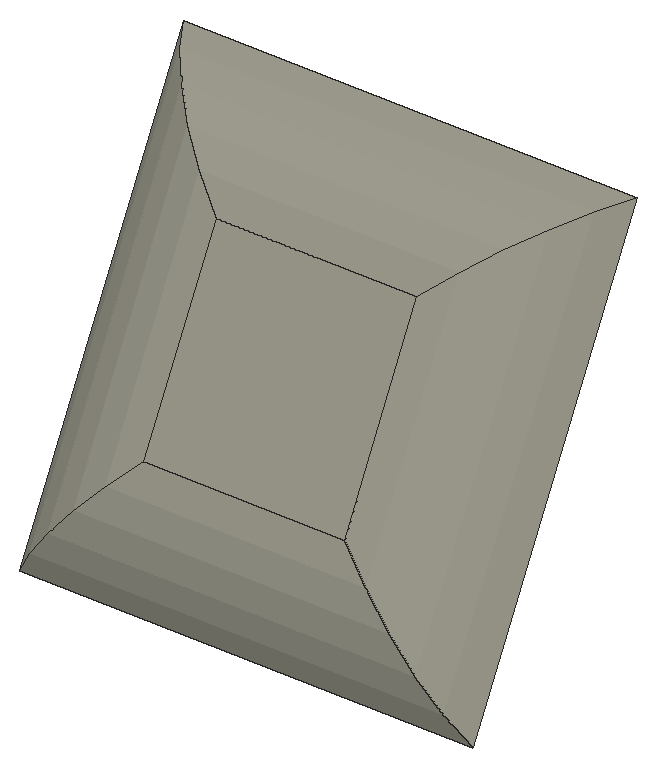
Revit family "Haworth_GranTorino_Pillow", category Furniture, Revit 2018
Family settings
  OmniClass Number = 23.40.20.00
  OmniClass Title = General Furniture and Specialties
  Work Plane-Based = No
  Always vertical = Yes
  Cut with Voids When Loaded = No
  Shared = No
  Room Calculation Point = No
Parameters (values of type "HCPF-GCAA")
  Warranty = "https://www.haworth.com/resources/product-info/warranties"
  Version = "2"  # constant formula
  URL Product = "https://www.haworth.com/products/workspaces/shared-booth/grantorino-hb"
  URL = "http://haworthcollection.com/"
  Sustainability Info = "https://www.haworth.com/company-info/sustainability"
  Size = "Verify Final Dim. w/ Haworth"  # constant formula
  Pillow Finish [instance] = Haworth _ Leather _ PF Color System _ Dragoncello 70-164
  Model = "HCPF-GCAA"  # constant formula
  Manufacturer = "Haworth"  # constant formula
  Description = "Haworth - GranTorino HB - Pillow"  # constant formula
  Author = "Haworth (Alias), SHAPE Environments, LLC"  # constant formula
  Assembly Code = "E2020200"
  Actual Width = 18.50"  # constant formula
  Actual Height = 18.50"  # constant formula
Reference planes (in)
  plane 1: z = 0
  plane 2 "Center Left/Right": x = 2.46676
  plane 3 "Right": x = 11.71676
  plane 4 "Left": x = -6.78324
  plane 5 "Pillow Angle": through (480, 0.44633, 11.66868) normal (0, 0.891, -0.454)
  plane 6 "Center F/B": y = -1.6534
Forms (in)
  Extrusion 1, solid, material "Haworth _ Leather _ PF Color System _ Dragoncello 70-164" <- "Pillow Finish"
    sketch origin (0, -4.36574, 2.22446) x (0, 0.45399, 0.891007) y (1, 0, 0)
      loop
        line (9.22408, -0.78324) -> (9.22408, 5.71676) -> (2.72408, 5.71676) -> (2.72408, -0.78324) -> (9.22408, -0.78324)
    from -2.5 to 2.5
  Sweep 2, solid, material "Haworth _ Leather _ PF Color System _ Dragoncello 70-164" <- "Pillow Finish"
    path in 3D
      loop
        line (5.71676, -5.35655, 5.78661) -> (5.71676, -2.40562, 11.57815) -> (-0.78324, -2.40562, 11.57815) -> (-0.78324, -5.35655, 5.78661) -> (5.71676, -5.35655, 5.78661)
    profile origin (2.46676, -5.35655, 5.78661) x (0, 0.45399, 0.891007) y (0, -0.891007, 0.45399)
      loop
        line (0, 0) -> (-0.5, 0)
        arc (-0.5, 0) -> (-3.17089, -0.66358) -> (-5.22065, -2.5) r 5.70691
        arc (-5.22065, -2.5) -> (-3.17089, -4.33642) -> (-0.5, -5) r 5.70691
        line (-0.5, -5) -> (0, -5) -> (0, 0)
Cuts and joins
  joined: Extrusion 1, Sweep 2
Lines and regions (in)
  Masking region 1
    outline origin (0, 0, 0) x (1, 0, 0) y (0, 1, 0)
      loop
        line (-6.03324, -0.03505) -> (-6.03324, -3.27175)
        spline (-6.03324, -3.27175) -> (-5.74363, -4.0191) -> (-4.89445, -4.71571) -> (-3.54364, -5.31384) -> (-1.78323, -5.77278) -> (0.26683, -6.06125) -> (2.46676, -6.1597) -> (4.66674, -6.0613) -> (6.71668, -5.77273) -> (8.47705, -5.31377) -> (9.82773, -4.71578) -> (10.67721, -4.01909) -> (10.96676, -3.27175)
        line (10.96676, -3.27175) -> (10.96676, -0.03505)
        spline (10.96676, -0.03505) -> (10.67721, 0.71228) -> (9.82773, 1.40898) -> (8.47705, 2.00696) -> (6.71668, 2.46592) -> (4.66674, 2.7545) -> (2.46676, 2.8529) -> (0.26683, 2.75445) -> (-1.78323, 2.46598) -> (-3.54364, 2.00704) -> (-4.89445, 1.40891) -> (-5.74363, 0.71229) -> (-6.03324, -0.03505)
  sketch lines
    curve 1: line (-0.78324, -5.35655, 5.78661) -> (5.71676, -5.35655, 5.78661)
    curve 2: line (-0.78324, -2.40562, 11.57815) -> (-0.78324, -5.35655, 5.78661)
    curve 3: line (5.71676, -2.40562, 11.57815) -> (-0.78324, -2.40562, 11.57815)
    curve 4: line (5.71676, -5.35655, 5.78661) -> (5.71676, -2.40562, 11.57815)
Dimensions and locks (in)
  equal spacing: plane 4 "Left", plane 2 "Center Left/Right", plane 3 "Right"
  "Actual Width": plane 4 "Left" to plane 3 "Right"
  aligned and locked: level to plane 1
Automatic sketch dimensions
  plane 2 "Center Left/Right" to Extrusion 1 sketch curve = 3.25"
  Extrusion 1 sketch curve to plane 2 "Center Left/Right" = 3.25"
  Extrusion 1 sketch curve to Extrusion 1 sketch curve = 6.50"
  Sweep 2 sketch curve to profile plane = 0.00"
  profile plane to Sweep 2 sketch curve = 0.00"
  profile plane to Sweep 2 sketch curve = 0.50"  (x2)
  Sweep 2 sketch curve to Sweep 2 sketch curve = 0.70691"  (x2)
  Sweep 2 sketch curve to profile plane = 2.50"
  Masking region 1 sketch curve to plane 4 "Left" = 0.75"
  Masking region 1 sketch curve to plane 3 "Right" = 0.75"
  Masking region 1 sketch curve to plane 6 "Center F/B" = 1.61835"
  plane 6 "Center F/B" to Masking region 1 sketch curve = 1.61835"
